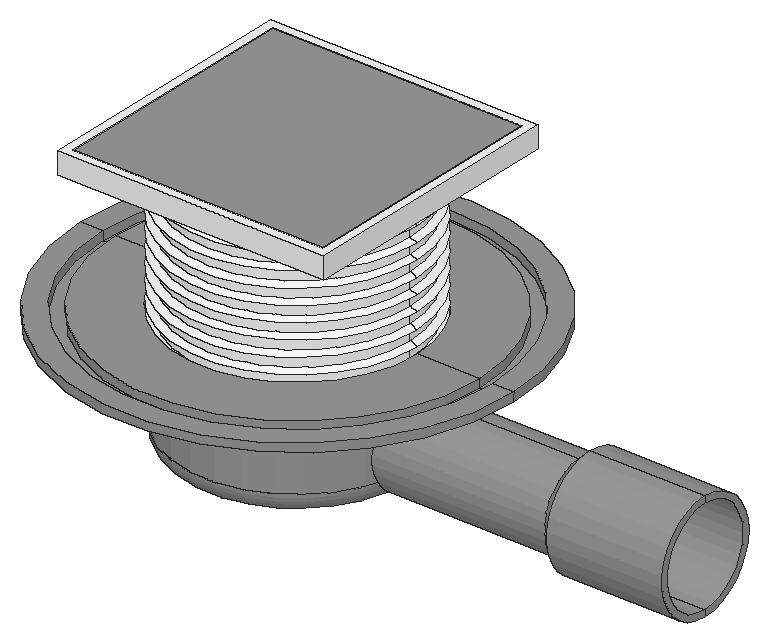
Revit family "HL_Трап для внутренних помещений_HL90Prblue", category Instalační zařizovací předměty, Revit 2020
Family settings
  Kóta kulaté spojky = Použít průměr
  Typ dílu = Normální
  Číslo OmniClass = 23.70.50.21.24.14
  Nadpis OmniClass = Deck Waste Water Drains
  Založené na pracovní rovině = Ne
  Vždy vertikální = Ano
  Ořezat dutým tvarem při načtení = Ne
  Sdílené = Ano
  Bod výpočtu místnosti = Ano
Parameters (values of type "HL90Prblue")
  РЕШЁТКА = "Edelstahl 115x115mm"
  РАЗМЕР = "DN40/50"
  ПРОПУСКНАЯ СПОСОБНОСТЬ = 0.43 L/s
  ПРОИЗВОДИТЕЛЬНОСТЬ = "0,43 l/s"
  ПРАВОВАЯ ИНФОРМАЦИЯ = "Авторские права(©), права на дизайн или какие либо другие права интелектуальной собственности являются исключительной собственностью компании HL Hutterer & Lechner. Изменению не подлежит. Файл семейства с данными о прозводителе изделия защищен паролем с водяным знаком."  # constant formula
  НОРМЫ = "EN 1253"
  НОМИНАЛЬНЫЙ ДИАМЕТР = 50 mm
  НАСАДКА = "12-70mm/123x123mm"
  МАТЕРИАЛ = "PP"
  МАКСИМАЛЬНАЯ НАГРУЗКА КЛАССА = "K3 - 300 kg"
  ВЫСОТА МОНТАЖА = "69 mm"
  ВЕС = "0,636 [kg]"
  Výchozí výška = 0 mm
  Přípoj ventilace = no
  Výrobce = "HL Hutterer & Lechner GmbH"  # constant formula
  URL = "https://www.hutterer-lechner.com/ru/Products/catalog/Floor-drains/horizontal/flange/HL90Prblue.aspx"
  Přípoj odpadních dílů = yes
  Přípoj HW = no
  Popis = "Трапы для внутренних помещений"
  Model = "HL90Prblue"
  Komentáře k typům = "Трап для внутренних помещений DN40/50 с горизонтальным выпуском, с \"СУХИМ\" сифоном Primus blue, 123х123/115х115мм"
  Keynote = "HL90Prblue"
  Высота монтажа [instance] = 129 mm
  EAN = "9003076050505"
  DN_test [instance] = if(or(НОМИНАЛЬНЫЙ ДИАМЕТР = 50 mm, НОМИНАЛЬНЫЙ ДИАМЕТР = 40 mm), 30 mm, 0 mm)  # 30 mm
  Přípoj CW = no
  C [instance] = if(НОМИНАЛЬНЫЙ ДИАМЕТР = 50 mm, 188 mm, 130 mm)  # 188 mm
  B [instance] = Высота монтажа - 22 mm  # 107 mm
  A [instance] = if(B - 100 mm > 15 mm, B - 100 mm, 15 mm)  # 15 mm
Reference planes
  plane 1 "Center (Front/Back)": y = 0
  plane 2: z = 0
  plane 3 "Center (Left/Right)": x = 0
  plane 4 "Ball Joint Vertical": x = 25.45
  plane 5: z = -129
  plane 6: z = -107
Lines and regions (mm)
  model lines, style "InvisibleLines"
    curve 1: line (0, 0, 0) -> (0, 0, 1000)
  reference lines
    curve 2: line (0, 0, -107) -> (188, 0, -107)
  model lines, detail levels coarse+medium
    curve 3: line (0, 0, -107) -> (0, 0, -92)
    curve 4: line (0, 0, -92) -> (92, 0, 0)
    curve 5: line (0, 0, -92) -> (-92, 0, 0)
    curve 23: line (0, 0, -107) -> (188, 0, -107)
  symbolic lines, detail levels coarse+medium
    curve 6: line (-75, 75, 0) -> (75, 75, 0)
    curve 7: line (-75, -75, 0) -> (-75, 75, 0)
    curve 8: line (75, -75, 0) -> (-75, -75, 0)
    curve 9: line (75, 75, 0) -> (75, -75, 0)
    curve 10: line (75, 75, 0) -> (145.711, 145.711, 0)
    curve 11: line (75, -75, 0) -> (145.711, -145.711, 0)
    curve 12: line (-75, 75, 0) -> (-145.711, 145.711, 0)
    curve 13: line (-75, -75, 0) -> (-145.711, -145.711, 0)
  symbolic lines, not visible, detail levels coarse+medium
    curve 14: line (-75, 75, 0) -> (75, 75, 0)
    curve 15: line (-75, -75, 0) -> (-75, 75, 0)
    curve 16: line (75, -75, 0) -> (-75, -75, 0)
    curve 17: line (75, 75, 0) -> (75, -75, 0)
    curve 18: line (75, 75, 0) -> (145.711, 145.711, 0)
    curve 19: line (75, -75, 0) -> (145.711, -145.711, 0)
    curve 20: line (-75, 75, 0) -> (-145.711, 145.711, 0)
    curve 21: line (-75, -75, 0) -> (-145.711, -145.711, 0)
  symbolic lines
    curve 22: line (0, 0, 0) -> (0, 0, -30)
Text (mm)
  text "ПОЛ" at (-221.985, 0, -17.055), in view "Drain Construction View"
Dimensions and locks
  locked: plane 4 "Ball Joint Vertical" to plane 3 "Center (Left/Right)" at 25.45
  "Высота монтажа": plane 2 to plane 5
  "A": curve 5 to plane 6
  "B": curve 5 to plane 6
  "B": curve 4 to plane 6
  "B": plane 2 to plane 6
  "DN_test": curve 22 to curve 22
  locked: nested 2 to plane 5 at 52
  "C": curve 2 to plane 3 "Center (Left/Right)"
  "C": curve 23 to plane 3 "Center (Left/Right)"
  locked: curve 4 to plane 3 "Center (Left/Right)" (angle 45.00°)
  locked: plane 3 "Center (Left/Right)" to curve 5 (angle 45.00°)
  aligned and locked: level to plane 2
  aligned and locked: plane 2 to curve 1
  aligned and locked: plane 3 "Center (Left/Right)" to curve 1
  aligned and locked: plane 3 "Center (Left/Right)" to curve 2
  aligned and locked: plane 3 "Center (Left/Right)" to curve 3
  aligned and locked: plane 3 "Center (Left/Right)" to curve 5
  aligned and locked: curve 23 to plane 6
Automatic sketch dimensions
  level to curve 1 = 1000 mm
  curve 2 to plane 6 = 0 mm
Nested families
  nested 1: "HL_Насадка_HL037N.2E" at (0, 0, 0), type "HL037N.2E_Main Component"
    with Высота монтажа 70 mm, RN 11, RL 71.5 mm, R yes, NL_Test yes, NL 90 mm
  nested 2: "HL-Корпус для трапа внутренних помещений-HL90K" at (0, 0, -70) x (-1, 0, 0) z (0, 0, 1), DN <- "НОМИНАЛЬНЫЙ ДИАМЕТР", type "HL90K_Main Component"
    with V 0 mm, DN 50 mm
  nested 3: "HL_Вкладыш сифона_HL090.5E" at (0, 0, -5.497), type "HL090.5E_Main Component"
  nested 4: "HL_Решётка_HL037Pr.1E" at (0, 0, 0), type "HL037Pr.1E_Main Component"
Connectors
  piping at (188, 0, -107), diameter 50, driven by "ПРОПУСКНАЯ СПОСОБНОСТЬ", driven by "НОМИНАЛЬНЫЙ ДИАМЕТР"
    settings: on curve 2, index 1, connector inside diameter 609.6 mm, connector length 0 mm, flow factor 0, pipe flow 0.43 L/s, pressure drop 0.0 Pa, fitting loss kfactor 0, connector angle 0.00°, fixture units 0, engagement length 0 mm, angle of deflection 0.00°, flow configuration 1, flow direction 2, fitting loss method 0, system type 16, joint type 0, gender type 0, connector reference index -1, connector utility 0, adjustable connector yes, is connector primary yes, connector description ""
Definition of nested family "HL_Насадка_HL037N.2E"
  Parameters (values of type "HL037N.2E")
    РАЗМЕР = "d 110 mm"
    ПРАВОВАЯ ИНФОРМАЦИЯ = "Авторские права(©), права на дизайн или какие либо другие права интелектуальной собственности являются исключительной собственностью компании HL Hutterer & Lechner. Изменению не подлежит. Файл семейства с данными о прозводителе изделия защищен паролем с водяным знаком."  # constant formula
    НАСАДКА = "123x123mm"
    МАТЕРИАЛ = "PP"
    Высота монтажа [instance] = 70 mm
    ВЫСОТА МОНТАЖА = "12-70mm"
    ВЕС = "0,08 [kg]"
    Waste Connection = yes
    Default Elevation = 0 mm
    Vent Connection = no
    RD = 6.5 mm  # constant formula
    R [instance] = ((Высота монтажа - NL_Min) / RD - 1) > 2  # yes
    RL [instance] = if(Высота монтажа < 18 mm, 1 mm, RD * RN)  # 71.5 mm
    NL_Test [instance] = and(or(Высота монтажа < NL_Max, Высота монтажа = NL_Max), or(Высота монтажа > NL_Min, Высота монтажа = NL_Min))  # yes
    NL_Min = 12 mm
    NL_Max = 70 mm
    NL [instance] = if(NL_Test, Высота монтажа + 20 mm, 0 mm)  # 90 mm
    RN [instance] = if((Высота монтажа + 20 mm - NL_Min) / RD - 1 < 2, 2, (Высота монтажа + 20 mm - NL_Min) / RD - 1)  # 11
    Manufacturer = "HL Hutterer & Lechner GmbH"  # constant formula
    URL = "http://www.hutterer-lechner.com/ru/products/catalog/floor-drains/attachments/HL037pr.11e.aspx"
    HW Connection = no
    Description = "Трапы для внутренних помещений - Комплектующие"
    Model = "HL037N.2E"
    Type Comments = "HL037N.2E Насадные подрамники d 110мм/90мм/123х123мм с О-кольцом"
    Keynote = "HL037N.2E"
    EAN = "9003076015290"
    CW Connection = no
  Reference planes
    plane 1 "Center (Front/Back)": y = 0
    plane 2: z = 0
    plane 3 "Center (Left/Right)": x = 0
    plane 4 "Ball Joint Vertical": x = 25.45
    plane 5: z = -90
  Forms (mm)
    Extrusion 1, solid, detail levels fine
      sketch origin (0, 0, 0) x (1, 0, 0) y (0, 1, 0)
        loop
          line (-61.5, 61.5) -> (-61.5, -61.5) -> (61.5, -61.5) -> (61.5, 61.5) -> (-61.5, 61.5)
      from -10 to 0
    Extrusion 2, solid, detail levels fine
      sketch origin (0, 0, 0) x (1, 0, 0) y (0, 1, 0)
        loop
          circle (0, 0) r 51.744
      from -90 to -10
    Extrusion 3, void
      sketch origin (0, 0, 0) x (1, 0, 0) y (0, 1, 0)
        loop
          line (-57.5, 57.5) -> (-57.5, -57.5) -> (57.5, -57.5) -> (57.5, 57.5) -> (-57.5, 57.5)
      from 0 to -8
  Cuts and joins
    Extrusion 3 cuts Extrusion 1
  Lines and regions (mm)
    symbolic lines
      curve 1: line (0, 0, -90) -> (0, 0, 0)
    model lines
      curve 2: line (0, 0, 0) -> (0, 0, 100)
  Text (mm)
    text "ROOF/FLOOR" at (-198.233, 0, -26.556), in view "Drain Construction View"
  Dimensions and locks
    locked: plane 4 "Ball Joint Vertical" to plane 3 "Center (Left/Right)" at 25.45
    "NL": plane 2 to plane 5
    equal spacing: group 1, group 3, group 4, group 5, group 6, group 7, group 8, group 9, group 10, group 11, group 2  (x3)
    "RL": nested 2 to nested 1
    locked: nested 1 to plane 5 at 1.516
    aligned and locked: level to plane 2
    aligned and locked: plane 3 "Center (Left/Right)" to nested 1
    aligned and locked: plane 1 "Center (Front/Back)" to nested 1
    aligned and locked: plane 2 to curve 1
    aligned and locked: plane 5 to curve 1
    aligned and locked: Extrusion 2 to plane 5
  Automatic sketch dimensions
    Extrusion 1 sketch curve to plane 3 "Center (Left/Right)" = 61.5 mm
    plane 4 "Ball Joint Vertical" to Extrusion 1 sketch curve = 36.05 mm
    plane 1 "Center (Front/Back)" to Extrusion 1 sketch curve = 61.5 mm
    Extrusion 1 sketch curve to plane 1 "Center (Front/Back)" = 61.5 mm
    plane 1 "Center (Front/Back)" to Extrusion 2 sketch curve = 0 mm
    Extrusion 2 sketch curve to plane 3 "Center (Left/Right)" = 0 mm
    Extrusion 3 sketch curve to plane 3 "Center (Left/Right)" = 57.5 mm
    plane 4 "Ball Joint Vertical" to Extrusion 3 sketch curve = 32.05 mm
    plane 1 "Center (Front/Back)" to Extrusion 3 sketch curve = 57.5 mm
    Extrusion 3 sketch curve to plane 1 "Center (Front/Back)" = 57.5 mm
    curve 2 to plane 3 "Center (Left/Right)" = 0 mm
    level to curve 2 = 100 mm
    radius of Extrusion 2 sketch curve = 51.744 mm
  Nested families
    nested 1: "Ring" at (0, 0, -88.484), visible <- "R", type "Ring"
    nested 2: "Ring" at (0, 0, -16.984), visible <- "R", type "Ring"
    nested 3: "Ring" at (0, 0, -81.334), visible <- "R", type "Ring"
    nested 4: "Ring" at (0, 0, -74.184), visible <- "R", type "Ring"
    nested 5: "Ring" at (0, 0, -67.034), visible <- "R", type "Ring"
    nested 6: "Ring" at (0, 0, -59.884), visible <- "R", type "Ring"
    nested 7: "Ring" at (0, 0, -52.734), visible <- "R", type "Ring"
    nested 8: "Ring" at (0, 0, -45.584), visible <- "R", type "Ring"
    nested 9: "Ring" at (0, 0, -38.434), visible <- "R", type "Ring"
    nested 10: "Ring" at (0, 0, -31.284), visible <- "R", type "Ring"
    nested 11: "Ring" at (0, 0, -24.134), visible <- "R", type "Ring"
  Definition of nested family "Ring"
    Parameters (values of type "Ring")
      Manufacturer = ""
      Default Elevation = 0 mm
      URL = ""
      R = D / 2  # 51.5 mm
      Description = ""
      Model = ""
      Material = none
      Type Comments = ""
      D = 103 mm
      Cost = 0
    Reference planes
      plane 1 "Střed (vpředu/vzadu)": y = 0
      plane 2: z = 0
      plane 3 "Střed (vlevo/vpravo)": x = 0
    Forms (mm)
      Revolve 1, solid, material <- "Material", detail levels fine
        sketch origin (0, 0, 0) x (1, 0, 0) y (0, 0, 1)
          loop
            line (-51.5, 1.482) -> (-54.764, 0) -> (-51.5, -1.516) -> (-51.5, 1.482)
          axis (0, 1.482) -> (0, -1.516)
        angle from 0 to 360
    Dimensions and locks
      "R": Revolve 1 sketch curve to plane 3 "Střed (vlevo/vpravo)"
      aligned and locked: level to plane 2
      aligned and locked: Revolve 1 sketch curve to plane 3 "Střed (vlevo/vpravo)"
    Automatic sketch dimensions
      Revolve 1 sketch curve to level = 0 mm
      Revolve 1 sketch curve to Revolve 1 sketch curve = 3.264 mm
      Revolve 1 sketch curve to level = 1.516 mm
      level to Revolve 1 sketch curve = 1.482 mm
      Revolve 1 sketch curve to level = 381 mm
      Revolve 1 sketch curve to Revolve 1 sketch curve = 2212.833 mm
Definition of nested family "HL-Корпус для трапа внутренних помещений-HL90K"
  Parameters (values of type "HL90K_Main Component")
    РАЗМЕР = "DN40/50"
    ПРАВОВАЯ ИНФОРМАЦИЯ = "Авторские права(©), права на дизайн или какие либо другие права интелектуальной собственности являются исключительной собственностью компании HL Hutterer & Lechner. Изменению не подлежит. Файл семейства с данными о прозводителе изделия защищен паролем с водяным знаком."  # constant formula
    МАТЕРИАЛ = "PP"
    ВЫСОТА МОНТАЖА = "57 mm"
    ВЕС = "0,218 [kg]"
    Waste Connection = yes
    Default Elevation = 0 mm
    Vent Connection = no
    Manufacturer = "HL Hutterer & Lechner GmbH"  # constant formula
    V [instance] = if(DN = 40 mm, 58 mm, 0 mm)  # 0 mm
    URL = "http://www.hutterer-lechner.com/ru/Products/catalog/floor-drains/attachments/HL90K.aspx"
    Assembly Code = "Main Component"
    HW Connection = no
    Description = "Трапы для внутренних помещений - Комплектующие"
    Model = "HL90K"
    Type Comments = "Корпус трапа для балконов и террасс DN40/50 горизонтальный"
    Keynote = "HL90K"
    EAN = "9003076013395"
    DN [instance] = 50 mm
    CW Connection = no
  Reference planes
    plane 1 "Center (Front/Back)": y = 0
    plane 2: z = 0
    plane 3 "Center (Left/Right)": x = 0
    plane 4 "Ball Joint Vertical": x = 25.45
  Forms (mm)
    Revolve 1, solid, detail levels fine
      sketch origin (0, 0, 0) x (1, 0, 0) y (0, 0, 1)
        loop
          line (-188, -12) -> (-188, -15) -> (-136.243, -15) -> (-131.243, -20) -> (-41.649, -20) -> (-41.649, -17) -> (-130, -17) -> (-135, -12) -> (-188, -12)
        axis (-188, -37) -> (-41.649, -37)
      angle from 0 to 360
    Revolve 2, solid, detail levels fine
      sketch origin (0, 0, 0) x (1, 0, 0) y (0, 0, 1)
        loop
          line (100, -4) -> (100, 0) -> (90, 0) -> (90, -4) -> (84.001, -4) -> (84.001, 0) -> (55.35, 0) -> (55.35, -20) -> (51, -20) -> (51, -47)
          arc (51, -47) -> (48.95, -51.95) -> (44, -54) r 7
          line (44, -54) -> (0, -54) -> (0, -57) -> (44, -57)
          arc (44, -57) -> (51.071, -54.071) -> (54, -47) r 10
          line (54, -47) -> (54, -24.5) -> (58.5, -24.5) -> (58.5, -7) -> (93, -7) -> (93, -4) -> (100, -4)
        axis (0, 0) -> (0, -57)
      angle from 0 to 360
    Revolve 3, void
      sketch origin (0, 0, 0) x (1, 0, 0) y (0, 0, 1)
        loop
          line (26, -54) -> (44, -54)
          arc (44, -54) -> (48.95, -51.95) -> (51, -47) r 7
          line (51, -47) -> (51, -20) -> (55.35, -20) -> (55.35, -14.5) -> (41, -14.5) -> (41, -44) -> (26, -44) -> (26, -54)
        axis (0, -14.5) -> (0, -54)
      angle from 0 to 360
    Extrusion 4, void
      sketch origin (0, 0, 0) x (0, 1, 0) y (0, 0, 1)
        loop
          circle (0, -37) r 17
      from -36.616 to -121.62
    Extrusion 5, void
      sketch origin (-188, 0, -37) x (0, 0, -1) y (0, 1, 0)
        loop
          line (-37, 37.5) -> (-37, -37.5) -> (38, -37.5) -> (38, 37.5) -> (-37, 37.5)
      from -10 to 0 <- "V"
  Cuts and joins
    Revolve 3, Extrusion 4, Extrusion 5 cuts Revolve 1
    Revolve 3, Extrusion 4 cuts Revolve 2
  Lines and regions (mm)
    model lines, detail levels fine
      curve 1: line (18.25, 16.225, -54) -> (9.75, 16.225, -54)
      curve 2: line (15.625, 14.475, -54) -> (18.25, 14.475, -54)
      curve 3: line (9.75, 14.475, -54) -> (12.375, 14.475, -54)
      curve 4: line (12.375, 9.975, -54) -> (9.75, 9.975, -54)
      curve 5: line (18.25, 9.975, -54) -> (15.625, 9.975, -54)
      curve 6: line (9.75, 8.225, -54) -> (18.25, 8.225, -54)
      curve 7: line (14.875, 10.725, -54) -> (14.875, 13.725, -54)
      curve 8: line (13.125, 13.725, -54) -> (13.125, 10.725, -54)
      curve 9: line (18.25, 6.425, -54) -> (9.75, 6.425, -54)
      curve 10: line (11.5, 4.675, -54) -> (18.25, 4.675, -54)
      curve 11: line (10.75, 0.675, -54) -> (10.75, 3.925, -54)
      curve 12: line (9, 5.675, -54) -> (9, 0.675, -54)
      curve 13: line (18, -2.675, -54) -> (14.325, -2.675, -54)
      curve 14: line (19, -7.425, -54) -> (19, -3.675, -54)
      curve 15: line (10, -8.425, -54) -> (18, -8.425, -54)
      curve 16: line (10.75, -5.925, -54) -> (10.75, -3.425, -54)
      curve 17: line (9, -3.425, -54) -> (9, -7.425, -54)
      curve 18: line (12.575, -6.675, -54) -> (11.5, -6.675, -54)
      curve 19: line (13.325, -3.675, -54) -> (13.325, -5.925, -54)
      curve 20: line (11.5, -11.975, -54) -> (16.5, -11.975, -54)
      curve 21: line (10.75, -13.725, -54) -> (10.75, -12.725, -54)
      curve 22: line (16.5, -14.475, -54) -> (11.5, -14.475, -54)
      curve 23: line (17.25, -12.725, -54) -> (17.25, -13.725, -54)
      curve 24: line (19, -13.725, -54) -> (19, -12.725, -54)
      curve 25: line (16.5, -10.225, -54) -> (11.5, -10.225, -54)
      curve 26: line (9, -12.725, -54) -> (9, -13.725, -54)
      curve 27: line (11.5, -16.225, -54) -> (16.5, -16.225, -54)
      curve 28: arc (12.375, 14.475, -54) -> (12.905, 14.255, -54) -> (13.125, 13.725, -54) r 0.75
      curve 29: arc (14.875, 13.725, -54) -> (15.095, 14.255, -54) -> (15.625, 14.475, -54) r 0.75
      curve 30: arc (14.875, 10.725, -54) -> (15.095, 10.195, -54) -> (15.625, 9.975, -54) r 0.75
      curve 31: arc (13.125, 10.725, -54) -> (12.905, 10.195, -54) -> (12.375, 9.975, -54) r 0.75
      curve 32: arc (9.75, 6.425, -54) -> (9.22, 6.205, -54) -> (9, 5.675, -54) r 0.75
      curve 33: arc (11.5, 4.675, -54) -> (10.97, 4.455, -54) -> (10.75, 3.925, -54) r 0.75
      curve 34: arc (15.075, -5.175, -54) -> (15.295, -4.645, -54) -> (15.825, -4.425, -54) r 0.75
      curve 35: arc (16.5, -4.425, -54) -> (17.03, -4.645, -54) -> (17.25, -5.175, -54) r 0.75
      curve 36: arc (17.25, -5.925, -54) -> (17.03, -6.455, -54) -> (16.5, -6.675, -54) r 0.75
      curve 37: arc (15.825, -6.675, -54) -> (15.295, -6.455, -54) -> (15.075, -5.925, -54) r 0.75
      curve 38: arc (18, -8.425, -54) -> (18.707, -8.132, -54) -> (19, -7.425, -54) r 1
      curve 39: arc (19, -3.675, -54) -> (18.707, -2.968, -54) -> (18, -2.675, -54) r 1
      curve 40: arc (14.325, -2.675, -54) -> (13.618, -2.968, -54) -> (13.325, -3.675, -54) r 1
      curve 41: arc (12.575, -6.675, -54) -> (13.105, -6.455, -54) -> (13.325, -5.925, -54) r 0.75
      curve 42: arc (11.5, -6.675, -54) -> (10.97, -6.455, -54) -> (10.75, -5.925, -54) r 0.75
      curve 43: arc (9, -7.425, -54) -> (9.293, -8.132, -54) -> (10, -8.425, -54) r 1
      curve 44: arc (16.5, -10.225, -54) -> (18.268, -10.957, -54) -> (19, -12.725, -54) r 2.5
      curve 45: arc (11.5, -10.225, -54) -> (9.732, -10.957, -54) -> (9, -12.725, -54) r 2.5
      curve 46: arc (9, -13.725, -54) -> (9.732, -15.493, -54) -> (11.5, -16.225, -54) r 2.5
      curve 47: arc (11.5, -14.475, -54) -> (10.97, -14.255, -54) -> (10.75, -13.725, -54) r 0.75
      curve 48: arc (10.75, -12.725, -54) -> (10.97, -12.195, -54) -> (11.5, -11.975, -54) r 0.75
      curve 49: arc (16.5, -11.975, -54) -> (17.03, -12.195, -54) -> (17.25, -12.725, -54) r 0.75
      curve 50: arc (17.25, -13.725, -54) -> (17.03, -14.255, -54) -> (16.5, -14.475, -54) r 0.75
      curve 51: arc (16.5, -16.225, -54) -> (18.268, -15.493, -54) -> (19, -13.725, -54) r 2.5
      curve 52: line (19, 15.225, -54) -> (19, 15.475, -54)
      curve 53: arc (18.25, 16.225, -54) -> (18.78, 16.005, -54) -> (19, 15.475, -54) r 0.75
      curve 54: arc (19, 15.225, -54) -> (18.78, 14.695, -54) -> (18.25, 14.475, -54) r 0.75
      curve 55: line (9, 15.225, -54) -> (9, 15.475, -54)
      curve 56: arc (9.75, 16.225, -54) -> (9.22, 16.005, -54) -> (9, 15.475, -54) r 0.75
      curve 57: arc (9, 15.225, -54) -> (9.22, 14.695, -54) -> (9.75, 14.475, -54) r 0.75
      curve 58: line (19, 9.225, -54) -> (19, 8.975, -54)
      curve 59: arc (18.25, 8.225, -54) -> (18.78, 8.445, -54) -> (19, 8.975, -54) r 0.75
      curve 60: arc (19, 9.225, -54) -> (18.78, 9.755, -54) -> (18.25, 9.975, -54) r 0.75
      curve 61: line (9, 9.225, -54) -> (9, 8.975, -54)
      curve 62: arc (9.75, 8.225, -54) -> (9.22, 8.445, -54) -> (9, 8.975, -54) r 0.75
      curve 63: arc (9, 9.225, -54) -> (9.22, 9.755, -54) -> (9.75, 9.975, -54) r 0.75
      curve 64: line (19, 5.675, -54) -> (19, 5.425, -54)
      curve 65: arc (18.25, 4.675, -54) -> (18.78, 4.895, -54) -> (19, 5.425, -54) r 0.75
      curve 66: arc (19, 5.675, -54) -> (18.78, 6.205, -54) -> (18.25, 6.425, -54) r 0.75
      curve 67: line (9.75, -0.075, -54) -> (10, -0.075, -54)
      curve 68: arc (9, 0.675, -54) -> (9.22, 0.145, -54) -> (9.75, -0.075, -54) r 0.75
      curve 69: arc (10, -0.075, -54) -> (10.53, 0.145, -54) -> (10.75, 0.675, -54) r 0.75
      curve 70: line (15.825, -4.425, -54) -> (16.5, -4.425, -54)
      curve 71: line (17.25, -5.175, -54) -> (17.25, -5.925, -54)
      curve 72: line (16.5, -6.675, -54) -> (15.825, -6.675, -54)
      curve 73: line (15.075, -5.925, -54) -> (15.075, -5.175, -54)
      curve 74: line (10, -2.675, -54) -> (9.75, -2.675, -54)
      curve 75: arc (9, -3.425, -54) -> (9.22, -2.895, -54) -> (9.75, -2.675, -54) r 0.75
      curve 76: arc (10, -2.675, -54) -> (10.53, -2.895, -54) -> (10.75, -3.425, -54) r 0.75
  Text (mm)
    text "ROOF/FLOOR" at (-198.233, 0, -26.556), in view "Drain Construction View"
  Dimensions and locks
    locked: plane 4 "Ball Joint Vertical" to plane 3 "Center (Left/Right)" at 25.45
    aligned and locked: level to plane 2
Definition of nested family "HL_Вкладыш сифона_HL090.5E"
  Parameters (values of type "HL090.5E_Main Component")
    ПРАВОВАЯ ИНФОРМАЦИЯ = "Авторские права(©), права на дизайн или какие либо другие права интелектуальной собственности являются исключительной собственностью компании HL Hutterer & Lechner. Изменению не подлежит. Файл семейства с данными о прозводителе изделия защищен паролем с водяным знаком."  # constant formula
    МАТЕРИАЛ = "PC/ABS"
    ВЕС = "0,11 [kg]"
    Waste Connection = yes
    Default Elevation = 0 mm
    Vent Connection = no
    Manufacturer = "HL Hutterer & Lechner GmbH"  # constant formula
    URL = "https://www.hutterer-lechner.com/ru/Products/catalog/Floor-drains/attachments/HL090.5E.aspx"
    HW Connection = no
    Description = "Трапы для внутренних помещений - Комплектующие"
    Model = "HL090.5E"
    Type Comments = "СУХОЙ сифон Primus blue"
    Keynote = "HL090.5E"
    EAN = "9003076050567"
    CW Connection = no
  Reference planes
    plane 1 "Center (Front/Back)": y = 0
    plane 2: z = 0
    plane 3 "Center (Left/Right)": x = 0
    plane 4 "Ball Joint Vertical": x = 25.45
  Forms (mm)
    Revolve 1, solid, detail levels fine
      sketch origin (0, 0, 0) x (0, 1, 0) y (0, 0, 1)
        loop
          line (-44.7, 0) -> (-53, 0) -> (-53, -2) -> (-49.228, -2) -> (-49.228, -13.214) -> (-46.721, -13.214) -> (-46.721, -20.152) -> (0, -20.152) -> (0, -18.268) -> (-32.15, -18.268) -> (-44.7, -18.268) -> (-44.7, 0)
        axis (0, 0) -> (0, -20.152)
      angle from 0 to 360
    Extrusion 2, solid, detail levels fine
      sketch origin (0, 0, 0) x (1, 0, 0) y (0, 1, 0)
        loop
          line (34.626, 31.41) -> (-34.626, 31.41)
          arc (-34.626, 31.41) -> (-46.75, 0) -> (-34.626, -31.41) r 46.75
          line (-34.626, -31.41) -> (34.626, -31.41)
          arc (34.626, -31.41) -> (46.721, 0) -> (34.626, 31.41) r 46.834
      from -20.152 to -57
    Revolve 3, solid, detail levels fine
      sketch origin (0, 0, 0) x (0, 1, 0) y (0, 0, 1)
        loop
          arc (-49.228, -6.728) -> (-50.709, -8.655) -> (-49.228, -10.583) r 1.995
          line (-49.228, -10.583) -> (-49.228, -6.728)
        axis (0, -6.728) -> (0, -10.583)
      angle from 0 to 360
    Revolve 4, solid, detail levels fine
      sketch origin (0, 0, 0) x (0, 1, 0) y (0, 0, 1)
        loop
          line (0, -18.268) -> (0, 0) -> (-33.004, -1.346) -> (-33.004, -3.231) -> (-32.15, -3.231) -> (-32.15, -18.268) -> (0, -18.268)
        axis (0, 0) -> (0, -18.268)
      angle from 0 to 360
  Text (mm)
    text "ROOF/FLOOR" at (-198.233, 0, -26.556), in view "Drain Construction View"
  Dimensions and locks
    locked: plane 4 "Ball Joint Vertical" to plane 3 "Center (Left/Right)" at 25.45
    aligned and locked: level to plane 2
    aligned and locked: Extrusion 2 to Revolve 1
Definition of nested family "HL_Решётка_HL037Pr.1E"
  Parameters (values of type "HL037Pr.1E")
    РАЗМЕР = "115x115mm"
    ПРАВОВАЯ ИНФОРМАЦИЯ = "Авторские права(©), права на дизайн или какие либо другие права интелектуальной собственности являются исключительной собственностью компании HL Hutterer & Lechner. Изменению не подлежит. Файл семейства с данными о прозводителе изделия защищен паролем с водяным знаком."  # constant formula
    МАТЕРИАЛ = "V2A"
    МАКСИМАЛЬНАЯ НАГРУЗКА КЛАССА = "K3 - 300 kg"
    ВЕС = "0,15 [kg]"
    Waste Connection = yes
    Default Elevation = 0 mm
    Vent Connection = no
    Manufacturer = "HL Hutterer & Lechner GmbH"  # constant formula
    URL = "http://www.hutterer-lechner.com/ru/products/catalog/floor-drains/attachments/HL037pr.1e.aspx"
    HW Connection = no
    Description = "Трапы для внутренних помещений - Комплектующие"
    Model = "HL037Pr.1E"
    Type Comments = "HL037Pr.1E Решётка из нержавеющей стали 115х115 мм"
    Keynote = "HL037Pr.1E"
    EAN = "9003076028474"
    CW Connection = no
  Reference planes
    plane 1 "Center (Front/Back)": y = 0
    plane 2: z = 0
    plane 3 "Center (Left/Right)": x = 0
    plane 4 "Ball Joint Vertical": x = 25.45
  Forms (mm)
    Extrusion 1, solid, detail levels fine
      sketch origin (0, 0, 0) x (1, 0, 0) y (0, 1, 0)
        loop
          line (57.5, 57.5) -> (-57.5, 57.5) -> (-57.5, -57.5) -> (57.5, -57.5) -> (57.5, 57.5)
      from 0 to -5
  Lines and regions (mm)
    model lines, detail levels fine
      curve 1: spline (-13.927, 0, 0) -> (-13.452, 1.165, 0) -> (-12.061, 2.25, 0) -> (-9.848, 3.182, 0) -> (-6.964, 3.897, 0) -> (-3.605, 4.347, 0) -> (0, 4.5, 0) -> (3.605, 4.347, 0) -> (6.964, 3.897, 0) -> (9.848, 3.182, 0) -> (12.061, 2.25, 0) -> (13.452, 1.165, 0) -> (13.927, 0, 0) -> (13.452, -1.165, 0) -> (12.061, -2.25, 0) -> (9.848, -3.182, 0) -> (6.964, -3.897, 0) -> (3.605, -4.347, 0) -> (0, -4.5, 0) -> (-3.605, -4.347, 0) -> (-6.964, -3.897, 0) -> (-9.848, -3.182, 0) -> (-12.061, -2.25, 0) -> (-13.452, -1.165, 0) -> (-13.927, 0, 0)
      curve 2: line (-5.9, 0.4, 0) -> (-11.9, 0.4, 0)
      curve 3: line (-3.65, -2, 0) -> (-3.65, 2, 0)
      curve 4: arc (-3.65, 2, 0) -> (-3.15, 2.5, 0) -> (-2.65, 2, 0) r 0.5
      curve 5: line (-2.65, 2, 0) -> (-2.65, 0.5, 0)
      curve 6: line (-2.65, 0.5, 0) -> (-0.65, 0.5, 0)
      curve 7: line (-0.65, 0.5, 0) -> (-0.65, 2, 0)
      curve 8: arc (-0.65, 2, 0) -> (-0.15, 2.5, 0) -> (0.35, 2, 0) r 0.5
      curve 9: line (0.35, 2, 0) -> (0.35, -2, 0)
      curve 10: arc (0.35, -2, 0) -> (-0.15, -2.5, 0) -> (-0.65, -2, 0) r 0.5
      curve 11: line (-0.65, -2, 0) -> (-0.65, -0.5, 0)
      curve 12: line (-0.65, -0.5, 0) -> (-2.65, -0.5, 0)
      curve 13: line (-2.65, -0.5, 0) -> (-2.65, -2, 0)
      curve 14: arc (-2.65, -2, 0) -> (-3.15, -2.5, 0) -> (-3.65, -2, 0) r 0.5
      curve 15: line (1.85, -2, 0) -> (1.85, 2, 0)
      curve 16: arc (1.85, 2, 0) -> (1.996, 2.354, 0) -> (2.35, 2.5, 0) r 0.5
      curve 17: arc (2.35, 2.5, 0) -> (2.704, 2.354, 0) -> (2.85, 2, 0) r 0.5
      curve 18: line (2.85, 2, 0) -> (2.85, -1, 0)
      curve 19: arc (2.85, -1, 0) -> (2.996, -1.354, 0) -> (3.35, -1.5, 0) r 0.5
      curve 20: line (3.35, -1.5, 0) -> (4.35, -1.5, 0)
      curve 21: arc (4.35, -1.5, 0) -> (4.85, -2, 0) -> (4.35, -2.5, 0) r 0.5
      curve 22: line (4.35, -2.5, 0) -> (2.35, -2.5, 0)
      curve 23: arc (2.35, -2.5, 0) -> (1.996, -2.354, 0) -> (1.85, -2, 0) r 0.5
      curve 24: line (12.1, 0.4, 0) -> (6.1, 0.4, 0)
      curve 25: line (-5.9, -0.4, 0) -> (-11.9, -0.4, 0)
      curve 26: line (12.1, -0.4, 0) -> (6.1, -0.4, 0)
      curve 27: line (-5.9, 0.4, 0) -> (-5.9, -0.4, 0)
      curve 28: line (-11.9, 0.4, 0) -> (-11.9, -0.4, 0)
      curve 29: line (6.1, 0.4, 0) -> (6.1, -0.4, 0)
      curve 30: line (12.1, 0.4, 0) -> (12.1, -0.4, 0)
      curve 31: arc (38.029, -24.059, 0) -> (45, 0, 0) -> (38.029, 24.059, 0) r 45
      curve 32: arc (38.029, 24.059, 0) -> (35.09, 25.896, 0) -> (31.82, 24.749, 0) r 4
      curve 33: arc (31.82, 24.749, 0) -> (30.673, 22.362, 0) -> (31.268, 19.782, 0) r 4
      curve 34: arc (31.268, 19.782, 0) -> (37, 0, 0) -> (31.268, -19.782, 0) r 37
      curve 35: arc (31.268, -19.782, 0) -> (30.673, -22.362, 0) -> (31.82, -24.749, 0) r 4
      curve 36: arc (31.82, -24.749, 0) -> (35.09, -25.896, 0) -> (38.029, -24.059, 0) r 4
      curve 37: arc (24.059, 38.029, 0) -> (0, 45, 0) -> (-24.059, 38.029, 0) r 45
      curve 38: arc (-24.059, 38.029, 0) -> (-25.896, 35.09, 0) -> (-24.749, 31.82, 0) r 4
      curve 39: arc (-24.749, 31.82, 0) -> (-22.362, 30.673, 0) -> (-19.782, 31.268, 0) r 4
      curve 40: arc (-19.782, 31.268, 0) -> (0, 37, 0) -> (19.782, 31.268, 0) r 37
      curve 41: arc (19.782, 31.268, 0) -> (22.362, 30.673, 0) -> (24.749, 31.82, 0) r 4
      curve 42: arc (24.749, 31.82, 0) -> (25.896, 35.09, 0) -> (24.059, 38.029, 0) r 4
      curve 43: arc (24.059, -38.029, 0) -> (0, -45, 0) -> (-24.059, -38.029, 0) r 45
      curve 44: arc (-24.059, -38.029, 0) -> (-25.896, -35.09, 0) -> (-24.749, -31.82, 0) r 4
      curve 45: arc (-24.749, -31.82, 0) -> (-22.362, -30.673, 0) -> (-19.782, -31.268, 0) r 4
      curve 46: arc (-19.782, -31.268, 0) -> (0, -37, 0) -> (19.782, -31.268, 0) r 37
      curve 47: arc (19.782, -31.268, 0) -> (22.362, -30.673, 0) -> (24.749, -31.82, 0) r 4
      curve 48: arc (24.749, -31.82, 0) -> (25.896, -35.09, 0) -> (24.059, -38.029, 0) r 4
      curve 49: arc (-38.029, -24.059, 0) -> (-45, 0, 0) -> (-38.029, 24.059, 0) r 45
      curve 50: arc (-38.029, 24.059, 0) -> (-35.09, 25.896, 0) -> (-31.82, 24.749, 0) r 4
      curve 51: arc (-31.82, 24.749, 0) -> (-30.673, 22.362, 0) -> (-31.268, 19.782, 0) r 4
      curve 52: arc (-31.268, 19.782, 0) -> (-37, 0, 0) -> (-31.268, -19.782, 0) r 37
      curve 53: arc (-31.268, -19.782, 0) -> (-30.673, -22.362, 0) -> (-31.82, -24.749, 0) r 4
      curve 54: arc (-31.82, -24.749, 0) -> (-35.09, -25.896, 0) -> (-38.029, -24.059, 0) r 4
    model lines
      curve 55: line (0, 0, 0) -> (0, 0, 100)
  Text (mm)
    text "ROOF/FLOOR" at (-198.233, 0, -26.556), in view "Drain Construction View"
  Dimensions and locks
    locked: plane 4 "Ball Joint Vertical" to plane 3 "Center (Left/Right)" at 25.45
    aligned and locked: level to plane 2
